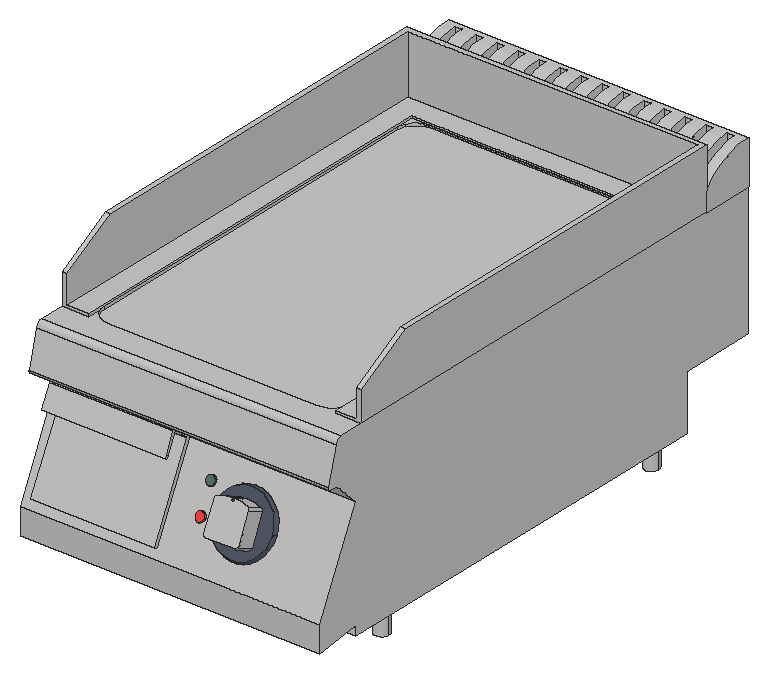
Revit family "QF_ZANUSSI_372193_Z7FTEDCSI0", category Specialty Equipment, Revit 2018
Family settings
  Round Connector Dimension = Use Diameter
  Part Type = Normal
  Work Plane-Based = No
  Always vertical = Yes
  Cut with Voids When Loaded = No
  Shared = No
  Room Calculation Point = No
Parameters
  Width = 400 mm  # constant formula
  Weight in Pounds = 88  # constant formula
  Weight = 0.00 kg
  Watts = 0 W
  Volts = 400 V
  URL Manufacturer = "http://www.zanussiprofessional.com"
  URL Cutsheet = "www.electrolux.com/foodservice"
  URL = "http://www.zanussiprofessional.com"
  Type Mark [instance] = ""
  Steam Supply Size = 0"
  Steam Supply Minimum Pressure = 0.00 psi
  Steam Supply Maximum Pressure = 0.00 psi
  Steam Pounds per Hour = 0
  Status [instance] = ""
  Specification by User [instance] = ""
  Specification by Manufacturer = ""
  Show Logo [instance] = yes
  Show Clearance [instance] = yes
  Serial Number = ""
  Seismic Rating = ""
  SMACNA No = ""
  Revision Code [instance] = ""
  Refrigeration Suction Line Size = 0"
  Refrigeration Liquid Line Size = 0"
  Refrigerant Compressor Remote = yes
  Phase = 3
  Omniclass Number and Title = ""
  NAFEM Spec ID Number = ""
  Model = "Z7FTEDCSI0"
  Mechanical Remarks = ""
  Mechanical Connection Type = ""
  Masterspec = ""
  Manufacturer = "Zanussi"
  Length Actual = 400 mm  # constant formula
  Item Number [instance] = "372193"
  Installed By [instance] = ""
  Identify Quantity as Lot [instance] = yes
  Hot Water Size = 0"
  Height Actual = 250 mm  # constant formula
  Height = 355 mm  # constant formula
  HP = "5.6 HP"
  Gas Size = 1/2"  # constant formula
  Gas RI Height [instance] = 0 mm
  Gas KW = 7  # constant formula
  Gas Input [instance] = 23863.0 Btu/h  # constant formula
  Gas Connection Height = 0 mm
  Furnished By [instance] = ""
  Foodservice Equipment Identifier [instance] = yes
  Direct Waste Size = 0"
  Description = "EL. FRY TOP-SMOOTH CHROME PLATE 400 MM"
  Depth Actual = 700 mm  # constant formula
  Depth = 715 mm  # constant formula
  Cycle = 60 Hz
  Condensate Return Size = 0"
  Compressed Air Volume = 0 GPM
  Compressed Air Size = 0"
  Compressed Air Pressure = 0.00 psi
  Cold Water Size = 0"
  CSI MasterFormat = ""
  CSI Master Format = ""
  Base Height [instance] = 24 mm  # constant formula
  Assembly Code = ""
  Accessory = yes
Reference planes
  plane 1 "BACK": y = 0
  plane 2: z = 0
  plane 3 "LEFT": x = 0
  plane 4 "RIGHT": x = 400
  plane 5 "FRONT": y = -715
  plane 6 "TOP": z = 288.925
  plane 7 "Center Y": x = 200
  plane 8 "Center X": y = -357.5
  plane 9 "BASE": z = 24
  plane 10 "TOP A": z = 274
  plane 11: y = -597.884
  plane 12: y = -147.637
  plane 13: z = 355
  plane 14: through (-6096, -715, 65.146) normal (0, 0.8956, -0.4448)
  plane 15 "panel": through (-6096, -655.161, 185.641) normal (0, -0.8956, 0.4448)
Forms (mm)
  Extrusion 1, solid, material "QF_Finishes_Stainless Steel"
    sketch origin (0, 0, 0) x (0, 1, 0) y (0, 0, 1)
      loop
        line (0, 98) -> (0, 274) -> (-679.358, 274)
        arc (-679.358, 274) -> (-684.643, 271.811) -> (-686.833, 266.526) r 7.474
        line (-686.833, 266.526) -> (-699.884, 221.011)
        arc (-699.884, 221.011) -> (-699.396, 218.379) -> (-697, 217.184) r 3
        line (-697, 217.184) -> (-686.802, 217.184) -> (-654.982, 185.364) -> (-715, 64.508) -> (-715, 29.508) -> (-658.645, 37.428)
        arc (-658.645, 37.428) -> (-656.101, 36.674) -> (-655, 34.259) r 3.2
        line (-655, 34.259) -> (-655, 24) -> (-103, 24) -> (-103, 98) -> (0, 98)
    from 0 to 400
  Extrusion 2, void
    sketch origin (0, -2.381, 274) x (-1, 0, 0) y (0, -1, 0)
      loop
        arc (-60.425, 102.504) -> (-42.464, 109.943) -> (-35.025, 127.904) r 25.4
        line (-35.025, 127.904) -> (-35.025, 617.104)
        arc (-35.025, 617.104) -> (-42.464, 635.064) -> (-60.425, 642.504) r 25.4
        line (-60.425, 642.504) -> (-339.575, 642.504)
        arc (-339.575, 642.504) -> (-357.536, 635.064) -> (-364.975, 617.104) r 25.4
        line (-364.975, 617.104) -> (-364.975, 127.904)
        arc (-364.975, 127.904) -> (-357.536, 109.943) -> (-339.575, 102.504) r 25.4
        line (-339.575, 102.504) -> (-60.425, 102.504)
    from 0 to -3.2
  Extrusion 3, solid, material "QF_Finishes_Stainless Steel"
    sketch origin (0, 0, 0) x (1, 0, 0) y (0, 1, 0)
      loop
        circle (11.112, -147.638) r 9.525
      loop
        circle (11.112, -597.884) r 9.525
      loop
        circle (388.887, -147.638) r 9.525
      loop
        circle (388.887, -597.884) r 9.525
    from 0 to 24
  Extrusion 4, solid, material "QF_Finishes_Stainless Steel"
    sketch origin (0.4, -101.6, 103.694) x (0, 0, -1) y (-1, 0, 0)
      loop
        circle (43.694, -347.613) r 12.7
    from 0 to 3.175
  Extrusion 5, solid, material "QF_Finishes_Clearance", visible <- "Show Clearance", detail levels coarse
    sketch origin (0, 0, 0) x (1, 0, 0) y (0, 1, 0)
      loop
        line (0, -715) -> (0, 0) -> (400, 0) -> (400, -715) -> (550.019, -715) -> (550.019, 150.019) -> (-150.019, 150.019) -> (-150.019, -715) -> (0, -715)
    from 0 to 355
  Extrusion 6, solid, material "QF_Finishes_Stainless Steel"
    sketch origin (0, -14.311, 0) x (0, 1, 0) y (0, 0, 1)
      loop
        line (-640.85, 185.828) -> (-659.988, 204.966)
        arc (-659.988, 204.966) -> (-664.455, 206.368) -> (-668.159, 203.504) r 5.058
        line (-668.159, 203.504) -> (-680.821, 175.994) -> (-677.937, 174.666) -> (-665.275, 202.176)
        arc (-665.275, 202.176) -> (-663.896, 203.243) -> (-662.233, 202.721) r 1.883
        line (-662.233, 202.721) -> (-644.727, 185.215) -> (-698.248, 77.444) -> (-695.339, 76.105) -> (-640.85, 185.828)
    from 12.7 to 177.8
  Extrusion 7, solid, material "QF_Finishes_Drawer Clearance", visible <- "Show Clearance", detail levels coarse
    sketch origin (0, -115.911, 0) x (0, 1, 0) y (0, 0, 1)
      loop
        line (-662.903, 76.105) -> (-593.739, 76.105) -> (-539.25, 185.828) -> (-558.388, 204.966)
        arc (-558.388, 204.966) -> (-560.449, 206.215) -> (-562.855, 206.368) r 5.058
        line (-562.855, 206.368) -> (-632.019, 206.368)
        arc (-632.019, 206.368) -> (-634.222, 205.39) -> (-635.723, 203.504) r 5.058
        line (-635.723, 203.504) -> (-648.385, 175.994) -> (-645.501, 174.666) -> (-632.839, 202.176)
        arc (-632.839, 202.176) -> (-631.46, 203.243) -> (-629.796, 202.721) r 1.883
        line (-629.796, 202.721) -> (-612.291, 185.215) -> (-665.811, 77.444) -> (-662.903, 76.105)
    from 12.7 to 177.8
  Extrusion 8, solid, material "QF_Finishes_Stainless Steel"
    sketch origin (0, 0, 0) x (0, 1, 0) y (0, 0, 1)
      loop
        line (0, 274) -> (0, 333.13)
        arc (0, 333.13) -> (-38.824, 324.814) -> (-69.85, 300.038) r 86.548
        line (-69.85, 300.038) -> (-69.85, 274) -> (0, 274)
    from 0 to 400.05
  Extrusion 9, void
    sketch origin (0, 0, 274.638) x (-1, 0, 0) y (0, -1, 0)
      loop
        line (-13.453, 6.761) -> (-13.453, 63.911) -> (-22.749, 63.911) -> (-22.749, 6.761) -> (-13.453, 6.761)
    from 25.4 to 63.5
  Extrusion 10, void
    sketch origin (400.05, 0, 274.638) x (1, 0, 0) y (0, 1, 0)
      loop
        line (-13.503, -6.761) -> (-22.799, -6.761) -> (-22.799, -63.911) -> (-13.503, -63.911) -> (-13.503, -6.761)
    from 25.4 to 63.5
  Extrusion 11, void
    sketch origin (27.988, 0, 274.638) x (-1, 0, 0) y (0, -1, 0)
      loop
        line (-13.453, 6.761) -> (-13.453, 63.911) -> (-22.749, 63.911) -> (-22.749, 6.761) -> (-13.453, 6.761)
    from 25.4 to 63.5
  Extrusion 12, void
    sketch origin (55.977, 0, 274.638) x (-1, 0, 0) y (0, -1, 0)
      loop
        line (-13.453, 6.761) -> (-13.453, 63.911) -> (-22.749, 63.911) -> (-22.749, 6.761) -> (-13.453, 6.761)
    from 25.4 to 63.5
  Extrusion 13, void
    sketch origin (83.965, 0, 274.638) x (-1, 0, 0) y (0, -1, 0)
      loop
        line (-13.428, 6.761) -> (-13.428, 63.911) -> (-22.724, 63.911) -> (-22.724, 6.761) -> (-13.428, 6.761)
    from 25.4 to 63.5
  Extrusion 14, void
    sketch origin (111.953, 0, 274.638) x (-1, 0, 0) y (0, -1, 0)
      loop
        line (-13.428, 6.761) -> (-13.428, 63.911) -> (-22.724, 63.911) -> (-22.724, 6.761) -> (-13.428, 6.761)
    from 25.4 to 63.5
  Extrusion 15, void
    sketch origin (139.942, 0, 274.638) x (-1, 0, 0) y (0, -1, 0)
      loop
        line (-13.428, 6.761) -> (-13.428, 63.911) -> (-22.724, 63.911) -> (-22.724, 6.761) -> (-13.428, 6.761)
    from 25.4 to 63.5
  Extrusion 16, void
    sketch origin (167.93, 0, 274.638) x (-1, 0, 0) y (0, -1, 0)
      loop
        line (-13.428, 6.761) -> (-13.428, 63.911) -> (-22.724, 63.911) -> (-22.724, 6.761) -> (-13.428, 6.761)
    from 25.4 to 63.5
  Extrusion 17, void
    sketch origin (195.918, 0, 274.638) x (-1, 0, 0) y (0, -1, 0)
      loop
        line (-13.428, 6.761) -> (-13.428, 63.911) -> (-22.724, 63.911) -> (-22.724, 6.761) -> (-13.428, 6.761)
    from 25.4 to 63.5
  Extrusion 18, void
    sketch origin (223.907, 0, 274.638) x (-1, 0, 0) y (0, -1, 0)
      loop
        line (-13.428, 6.761) -> (-13.428, 63.911) -> (-22.724, 63.911) -> (-22.724, 6.761) -> (-13.428, 6.761)
    from 25.4 to 63.5
  Extrusion 19, void
    sketch origin (251.895, 0, 274.638) x (-1, 0, 0) y (0, -1, 0)
      loop
        line (-13.428, 6.761) -> (-13.428, 63.911) -> (-22.724, 63.911) -> (-22.724, 6.761) -> (-13.428, 6.761)
    from 25.4 to 63.5
  Extrusion 20, void
    sketch origin (279.884, 0, 274.638) x (-1, 0, 0) y (0, -1, 0)
      loop
        line (-13.403, 6.761) -> (-13.403, 63.911) -> (-22.699, 63.911) -> (-22.699, 6.761) -> (-13.403, 6.761)
    from 25.4 to 63.5
  Extrusion 21, void
    sketch origin (307.872, 0, 274.638) x (-1, 0, 0) y (0, -1, 0)
      loop
        line (-13.403, 6.761) -> (-13.403, 63.911) -> (-22.699, 63.911) -> (-22.699, 6.761) -> (-13.403, 6.761)
    from 25.4 to 63.5
  Extrusion 22, void
    sketch origin (335.86, 0, 274.638) x (-1, 0, 0) y (0, -1, 0)
      loop
        line (-13.403, 6.761) -> (-13.403, 63.911) -> (-22.699, 63.911) -> (-22.699, 6.761) -> (-13.403, 6.761)
    from 25.4 to 63.5
  Sweep 23, solid, material "QF_Finishes_Stainless Steel"
    path origin (0, -2.381, 274) x (-1, 0, 0) y (0, -1, 0)
      loop
        line (-364.975, 642.504) -> (-364.975, 102.504) -> (-35.025, 102.504) -> (-35.025, 642.504)
    profile origin (35.025, -374.885, 274) x (1, 0, 0) y (0, 0, 1)
      loop
        line (-35.025, 0) -> (0, 0) -> (0, 3.175) -> (-28.675, 3.175) -> (-28.675, 81) -> (-35.025, 81) -> (-35.025, 0)
  Extrusion 24, void
    sketch origin (0, -69.86, 274) x (0, 1, 0) y (0, 0, 1)
      loop
        line (-575.025, 40.481) -> (-501.995, 81) -> (-575.025, 81) -> (-575.025, 40.481)
    from 0 to 6.35
  Extrusion 25, void
    sketch origin (400, -644.885, 274) x (0, -1, 0) y (0, 0, 1)
      loop
        line (0, 40.481) -> (0, 81) -> (-73.03, 81) -> (0, 40.481)
    from 0 to 6.35
  Blend 26, solid, material "QF_Finishes_Navy Blue"
    base sketch origin (275, -684.088, 127.392) x (1, 0, 0) y (0, 0.444781, 0.895639)
      loop
        circle (0, 0) r 42.5
    top sketch origin (275, -684.088, 127.392) x (1, 0, 0) y (0, 0.444781, 0.895639)
      loop
        circle (0, 0) r 40.5
    from 0 to 5
  Extrusion 27, solid, material "QF_Finishes_Stainless Steel"
    sketch origin (275, -684.088, 127.392) x (1, 0, 0) y (0, 0.444781, 0.895639)
      loop
        arc (-21.147, 22.789) -> (-22.494, 21.685) -> (-23, 20.019) r 2.997
        line (-23, 20.019) -> (-23, -20.019)
        arc (-23, -20.019) -> (-22.122, -22.138) -> (-20.003, -23.016) r 2.997
        line (-20.003, -23.016) -> (20.003, -23.016)
        arc (20.003, -23.016) -> (22.122, -22.138) -> (23, -20.019) r 2.997
        line (23, -20.019) -> (23, 20.019)
        arc (23, 20.019) -> (22.494, 21.685) -> (21.147, 22.789) r 2.997
        arc (21.147, 22.789) -> (0, 26.984) -> (-21.147, 22.789) r 55.4
    from 10 to 34
  Extrusion 28, solid, material "QF_Plastic-Black-Matte"
    sketch origin (355, -684.088, 127.392) x (0, 0.444781, 0.895639) y (0, -0.895639, 0.444781)
      loop
        line (26.984, 34) -> (26.984, 19) -> (27.984, 19) -> (27.984, 34)
        arc (27.984, 34) -> (27.691, 34.707) -> (26.984, 35) r 1
        line (26.984, 35) -> (23.984, 35) -> (23.984, 34) -> (26.984, 34)
    from -81 to -79
  Extrusion 29, solid, material "QF_Finishes_Red"
    sketch origin (275, -688.536, 118.436) x (1, 0, 0) y (0, 0.444781, 0.895639)
      loop
        circle (-55.001, 0) r 6
    from 0 to 1.6
  Extrusion 30, solid, material "QF_Finishes_Stainless Steel"
    sketch origin (275, -684.088, 127.392) x (1, 0, 0) y (0, 0.444781, 0.895639)
      loop
        line (17.5, 17.5) -> (-17.5, 17.5) -> (-17.5, -17.5) -> (17.5, -17.5) -> (17.5, 17.5)
    from 5 to 10
  Extrusion 31, solid, material "QF_Finishes_DarkGreen"
    sketch origin (275, -670.744, 154.262) x (1, 0, 0) y (0, 0.444781, 0.895639)
      loop
        circle (-55.001, 0) r 6
    from 0 to 1.6
Cuts and joins
  Extrusion 2 cuts Extrusion 1
  Extrusion 9, Extrusion 10, Extrusion 11, Extrusion 12, Extrusion 13, Extrusion 14, Extrusion 15, Extrusion 16, Extrusion 17, Extrusion 18, Extrusion 19, Extrusion 20, Extrusion 21, Extrusion 22 cuts Extrusion 8
  Extrusion 24, Extrusion 25 cuts Sweep 23
Lines and regions (mm)
  Split face 1
    outline origin (276.664, -683.893, 139.026) x (1, 0, 0) y (0, 0.444781, 0.895639)
      loop
        circle (-34, 0) r 1.5
  Split face 2
    outline origin (273.297, -686.678, 133.419) x (1, 0, 0) y (0, 0.444781, 0.895639)
      loop
        circle (-30.633, -14.752) r 1.5
  Split face 3
    outline origin (276.214, -688.977, 128.788) x (1, 0, 0) y (0, 0.444781, 0.895639)
      loop
        circle (-21.199, -26.582) r 1.5
  Split face 4
    outline origin (282.566, -688.945, 128.853) x (1, 0, 0) y (0, 0.444781, 0.895639)
      loop
        circle (-7.566, -33.148) r 1.5
  Split face 5
    outline origin (287.419, -686.057, 134.669) x (1, 0, 0) y (0, 0.444781, 0.895639)
      loop
        circle (7.566, -33.148) r 1.5
  Split face 6
    outline origin (286.137, -681.416, 144.014) x (1, 0, 0) y (0, 0.444781, 0.895639)
      loop
        circle (21.199, -26.582) r 1.5
  Split face 7
    outline origin (276.5, -677.361, 152.18) x (1, 0, 0) y (0, 0.444781, 0.895639)
      loop
        circle (30.633, -14.752) r 1.5
  Split face 8
    outline origin (260.985, -676.331, 154.252) x (1, 0, 0) y (0, 0.444781, 0.895639)
      loop
        circle (34, 0) r 1.5
  Split face 9
    outline origin (275, -688.566, 129.616) x (1, 0, 0) y (0, 0.444781, 0.895639)
      loop
        circle (0, 33.561) r 1.5
  symbolic lines, style "QF-Clearances", visible <- "Show Clearance", detail levels coarse
    curve 1: line (-150.019, 150.019, 274) -> (-150.019, -715, 274)
    curve 2: line (550.019, 150.019, 274) -> (-150.019, 150.019, 274)
    curve 3: line (550.019, -716.377, 274) -> (550.019, 150.019, 274)
  symbolic lines
    curve 4: line (0, 0, 274) -> (400, 0, 274)
    curve 5: line (0, -715, 274) -> (0, 0, 274)
    curve 6: line (400, 0, 274) -> (400, -715, 274)
    curve 7: line (35.025, -130.285, 274) -> (35.025, -644.885, 274)
    curve 8: arc (35.025, -619.485, 274) -> (42.464, -637.445, 274) -> (60.425, -644.885, 274) r 25.4
    curve 9: line (0, -644.885, 274) -> (35.025, -644.885, 274)
    curve 10: arc (339.575, -644.885, 274) -> (357.536, -637.445, 274) -> (364.975, -619.485, 274) r 25.4
    curve 11: line (364.975, -644.885, 274) -> (364.975, -130.285, 274)
    curve 12: line (339.575, -104.885, 274) -> (60.425, -104.885, 274)
    curve 13: line (0, -69.85, 274) -> (400, -69.85, 274)
    curve 14: arc (60.425, -104.885, 274) -> (42.464, -112.324, 274) -> (35.025, -130.285, 274) r 25.4
    curve 15: arc (339.575, -104.885, 274) -> (357.536, -112.324, 274) -> (364.975, -130.285, 274) r 25.4
    curve 16: line (6.35, -76.21, 274) -> (6.35, -644.885, 274)
    curve 17: line (6.35, -76.21, 274) -> (393.65, -76.21, 274)
    curve 18: line (393.65, -76.21, 274) -> (393.65, -644.885, 274)
    curve 19: line (13.428, -6.761, 274) -> (22.724, -6.761, 274)
    curve 20: line (13.428, -63.911, 274) -> (13.428, -6.761, 274)
    curve 21: line (22.724, -63.911, 274) -> (13.428, -63.911, 274)
    curve 22: line (22.724, -6.761, 274) -> (22.724, -63.911, 274)
    curve 23: line (41.416, -6.761, 274) -> (50.712, -6.761, 274)
    curve 24: line (41.416, -63.911, 274) -> (41.416, -6.761, 274)
    curve 25: line (50.712, -63.911, 274) -> (41.416, -63.911, 274)
    curve 26: line (50.712, -6.761, 274) -> (50.712, -63.911, 274)
    curve 27: line (69.405, -6.761, 274) -> (78.7, -6.761, 274)
    curve 28: line (69.405, -63.911, 274) -> (69.405, -6.761, 274)
    curve 29: line (78.7, -63.911, 274) -> (69.405, -63.911, 274)
    curve 30: line (78.7, -6.761, 274) -> (78.7, -63.911, 274)
    curve 31: line (97.393, -6.761, 274) -> (106.689, -6.761, 274)
    curve 32: line (97.393, -63.911, 274) -> (97.393, -6.761, 274)
    curve 33: line (106.689, -63.911, 274) -> (97.393, -63.911, 274)
    curve 34: line (106.689, -6.761, 274) -> (106.689, -63.911, 274)
    curve 35: line (125.381, -6.761, 274) -> (134.677, -6.761, 274)
    curve 36: line (125.381, -63.911, 274) -> (125.381, -6.761, 274)
    curve 37: line (134.677, -63.911, 274) -> (125.381, -63.911, 274)
    curve 38: line (134.677, -6.761, 274) -> (134.677, -63.911, 274)
    curve 39: line (153.37, -6.761, 274) -> (162.665, -6.761, 274)
    curve 40: line (153.37, -63.911, 274) -> (153.37, -6.761, 274)
    curve 41: line (162.665, -63.911, 274) -> (153.37, -63.911, 274)
    curve 42: line (162.665, -6.761, 274) -> (162.665, -63.911, 274)
    curve 43: line (181.358, -6.761, 274) -> (190.654, -6.761, 274)
    curve 44: line (181.358, -63.911, 274) -> (181.358, -6.761, 274)
    curve 45: line (190.654, -63.911, 274) -> (181.358, -63.911, 274)
    curve 46: line (190.654, -6.761, 274) -> (190.654, -63.911, 274)
    curve 47: line (209.346, -6.761, 274) -> (218.642, -6.761, 274)
    curve 48: line (209.346, -63.911, 274) -> (209.346, -6.761, 274)
    curve 49: line (218.642, -63.911, 274) -> (209.346, -63.911, 274)
    curve 50: line (218.642, -6.761, 274) -> (218.642, -63.911, 274)
    curve 51: line (237.31, -6.761, 274) -> (246.605, -6.761, 274)
    curve 52: line (237.31, -63.911, 274) -> (237.31, -6.761, 274)
    curve 53: line (246.605, -63.911, 274) -> (237.31, -63.911, 274)
    curve 54: line (246.605, -6.761, 274) -> (246.605, -63.911, 274)
    curve 55: line (265.298, -6.761, 274) -> (274.594, -6.761, 274)
    curve 56: line (265.298, -63.911, 274) -> (265.298, -6.761, 274)
    curve 57: line (274.594, -63.911, 274) -> (265.298, -63.911, 274)
    curve 58: line (274.594, -6.761, 274) -> (274.594, -63.911, 274)
    curve 59: line (293.286, -6.761, 274) -> (302.582, -6.761, 274)
    curve 60: line (293.286, -63.911, 274) -> (293.286, -6.761, 274)
    curve 61: line (302.582, -63.911, 274) -> (293.286, -63.911, 274)
    curve 62: line (302.582, -6.761, 274) -> (302.582, -63.911, 274)
    curve 63: line (321.275, -6.761, 274) -> (330.57, -6.761, 274)
    curve 64: line (321.275, -63.911, 274) -> (321.275, -6.761, 274)
    curve 65: line (330.57, -63.911, 274) -> (321.275, -63.911, 274)
    curve 66: line (330.57, -6.761, 274) -> (330.57, -63.911, 274)
    curve 67: line (349.263, -6.761, 274) -> (358.559, -6.761, 274)
    curve 68: line (349.263, -63.911, 274) -> (349.263, -6.761, 274)
    curve 69: line (358.559, -63.911, 274) -> (349.263, -63.911, 274)
    curve 70: line (358.559, -6.761, 274) -> (358.559, -63.911, 274)
    curve 71: line (377.251, -6.761, 274) -> (386.547, -6.761, 274)
    curve 72: line (377.251, -63.911, 274) -> (377.251, -6.761, 274)
    curve 73: line (386.547, -63.911, 274) -> (377.251, -63.911, 274)
    curve 74: line (386.547, -6.761, 274) -> (386.547, -63.911, 274)
    curve 75: line (364.975, -644.885, 274) -> (400, -644.885, 274)
    curve 76: line (60.425, -644.885, 274) -> (339.575, -644.885, 274)
    curve 80: line (0.05, -700, 0) -> (400, -700, 0)
    curve 81: line (298.025, -700, 0) -> (298.025, -724.347, 0)
    curve 82: arc (298.025, -724.347, 0) -> (297.879, -724.811, 0) -> (297.493, -725.107, 0) r 0.809
    curve 83: arc (297.493, -725.107, 0) -> (296.305, -725.587, 0) -> (295.028, -725.68, 0) r 4.127
    curve 84: arc (298.025, -704.292, 0) -> (303.066, -702.458, 0) -> (307.834, -700, 0) r 42.24
    curve 85: arc (298.025, -706.539, 0) -> (297.523, -705.818, 0) -> (296.726, -705.448, 0) r 1.682
    curve 86: arc (296.726, -705.448, 0) -> (286.423, -703.95, 0) -> (276.025, -703.441, 0) r 109.079
    curve 87: line (276.025, -700, 0) -> (276.025, -705.671, 0)
    curve 88: line (276.025, -705.671, 0) -> (274.025, -705.671, 0)
    curve 89: line (274.025, -705.671, 0) -> (274.025, -700, 0)
    curve 90: line (252.025, -700, 0) -> (252.025, -724.347, 0)
    curve 91: arc (252.025, -724.347, 0) -> (252.171, -724.811, 0) -> (252.557, -725.107, 0) r 0.809
    curve 92: arc (252.557, -725.107, 0) -> (253.745, -725.587, 0) -> (255.022, -725.68, 0) r 4.127
    curve 93: arc (252.025, -704.292, 0) -> (246.984, -702.458, 0) -> (242.216, -700, 0) r 42.24
    curve 94: arc (252.025, -706.539, 0) -> (252.527, -705.818, 0) -> (253.324, -705.448, 0) r 1.682
    curve 95: arc (253.324, -705.448, 0) -> (263.627, -703.95, 0) -> (274.025, -703.441, 0) r 109.079
    curve 96: line (295.028, -725.68, 0) -> (255.022, -725.68, 0)
    curve 97: line (0, -715, 0) -> (252.025, -715, 0)
    curve 98: line (298.025, -715, 0) -> (400, -715, 0)
    curve 99: line (12.7, -715, 0) -> (12.7, -700, 0)
    curve 100: line (177.775, -715, 0) -> (177.775, -700, 0)
  symbolic lines, style "QF_Drawer Clearance"
    curve 77: line (12.7, -715, 0) -> (12.7, -767.387, 0)
    curve 78: line (12.7, -767.388, 0) -> (177.775, -767.388, 0)
    curve 79: line (177.775, -767.388, 0) -> (177.775, -715, 0)
Dimensions and locks
  equal spacing: plane 3 "LEFT", plane 7 "Center Y", plane 4 "RIGHT"
  "Width": plane 3 "LEFT" to plane 4 "RIGHT"
  equal spacing: plane 5 "FRONT", plane 8 "Center X", plane 1 "BACK"
  "Depth": plane 5 "FRONT" to plane 1 "BACK"
  plane 1 "BACK" to plane 5 "FRONT" = 715 mm
  "Base Height": plane 9 "BASE" to level
  plane 10 "TOP A" to plane 9 "BASE" = 250 mm  (x2)
  plane 4 "RIGHT" to Extrusion 4 sketch curve = 51.988 mm
  Sweep 23 sketch curve to level = 355 mm
  plane 9 "BASE" to level = 24 mm
  "Height": plane 13 to level
  Extrusion 4 sketch curve to plane 9 "BASE" = 36 mm
  aligned and locked: level to plane 2
  aligned and locked: plane 4 "RIGHT" to Extrusion 1
  aligned and locked: plane 9 "BASE" to Extrusion 3
  aligned: plane 6 "TOP" to Extrusion 5
  aligned and locked: Extrusion 5 to plane 13
Automatic sketch dimensions
  plane 1 "BACK" to Extrusion 13 sketch curve = 6.761 mm
  Extrusion 13 sketch curve to plane 7 "Center Y" = 93.311 mm
  Extrusion 13 sketch curve to Extrusion 13 sketch curve = 9.296 mm
  Extrusion 13 sketch curve to Extrusion 13 sketch curve = 57.15 mm
  plane 1 "BACK" to Extrusion 14 sketch curve = 6.761 mm
  Extrusion 14 sketch curve to plane 7 "Center Y" = 65.323 mm
  Extrusion 14 sketch curve to Extrusion 14 sketch curve = 9.296 mm
  Extrusion 14 sketch curve to Extrusion 14 sketch curve = 57.15 mm
  plane 1 "BACK" to Extrusion 15 sketch curve = 6.761 mm
  Extrusion 15 sketch curve to plane 7 "Center Y" = 37.335 mm
  Extrusion 15 sketch curve to Extrusion 15 sketch curve = 9.296 mm
  Extrusion 15 sketch curve to Extrusion 15 sketch curve = 57.15 mm
  Extrusion 16 sketch curve to plane 7 "Center Y" = 9.346 mm
  Extrusion 16 sketch curve to Extrusion 16 sketch curve = 9.296 mm
  plane 1 "BACK" to Extrusion 16 sketch curve = 6.761 mm
  Extrusion 16 sketch curve to Extrusion 16 sketch curve = 57.15 mm
  plane 1 "BACK" to Extrusion 17 sketch curve = 6.761 mm
  plane 7 "Center Y" to Extrusion 17 sketch curve = 18.642 mm
  Extrusion 17 sketch curve to Extrusion 17 sketch curve = 9.296 mm
  Extrusion 17 sketch curve to Extrusion 17 sketch curve = 57.15 mm
  plane 1 "BACK" to Extrusion 18 sketch curve = 6.761 mm
  plane 7 "Center Y" to Extrusion 18 sketch curve = 46.63 mm
  Extrusion 18 sketch curve to Extrusion 18 sketch curve = 9.296 mm
  Extrusion 18 sketch curve to Extrusion 18 sketch curve = 57.15 mm
  plane 1 "BACK" to Extrusion 19 sketch curve = 6.761 mm
  plane 7 "Center Y" to Extrusion 19 sketch curve = 74.619 mm
  Extrusion 19 sketch curve to Extrusion 19 sketch curve = 9.296 mm
  Extrusion 19 sketch curve to Extrusion 19 sketch curve = 57.15 mm
  Extrusion 2 sketch curve to plane 4 "RIGHT" = 35.025 mm
  Extrusion 2 sketch curve to Extrusion 2 sketch curve = 25.4 mm  (x3)
  Extrusion 2 sketch curve to plane 12 = 17.353 mm
  plane 3 "LEFT" to Extrusion 2 sketch curve = 60.425 mm  (x2)
  plane 11 to Extrusion 2 sketch curve = 21.6 mm
  plane 11 to Extrusion 3 sketch curve = 0 mm  (x2)
  plane 12 to Extrusion 3 sketch curve = 0 mm  (x2)
  plane 3 "LEFT" to Extrusion 3 sketch curve = 11.112 mm  (x2)
  Extrusion 3 sketch curve to plane 4 "RIGHT" = 11.113 mm  (x2)
  plane 1 "BACK" to Extrusion 5 sketch curve = 0 mm
  Extrusion 5 sketch curve to plane 3 "LEFT" = 0 mm
  Extrusion 5 sketch curve to plane 4 "RIGHT" = 0 mm
  Extrusion 5 sketch curve to plane 3 "LEFT" = 150.019 mm
  plane 5 "FRONT" to Extrusion 5 sketch curve = 0 mm  (x2)
  plane 4 "RIGHT" to Extrusion 5 sketch curve = 150.019 mm
  Extrusion 5 sketch curve to plane 1 "BACK" = 150.019 mm
  plane 1 "BACK" to curve 5 = 0 mm
  plane 4 "RIGHT" to curve 3 = 150.019 mm
  curve 18 to plane 4 "RIGHT" = 6.35 mm
  curve 74 to plane 4 "RIGHT" = 13.453 mm
  curve 73 to curve 73 = 9.296 mm
  curve 15 to plane 4 "RIGHT" = 35.025 mm
  plane 1 "BACK" to curve 70 = 6.761 mm
  curve 71 to curve 70 = 18.693 mm
  curve 67 to curve 68 = 9.296 mm
  curve 15 to curve 15 = 25.4 mm
  curve 68 to curve 66 = 18.693 mm
  curve 63 to curve 63 = 9.296 mm
  curve 64 to curve 62 = 18.693 mm
  curve 61 to curve 61 = 9.296 mm
  curve 60 to curve 58 = 18.693 mm
  curve 55 to curve 56 = 9.296 mm
  plane 1 "BACK" to curve 51 = 6.761 mm
  curve 55 to curve 51 = 18.693 mm
  curve 53 to curve 53 = 9.296 mm
  plane 1 "BACK" to curve 50 = 6.761 mm
  plane 7 "Center Y" to curve 50 = 18.642 mm
  curve 49 to curve 49 = 9.296 mm
  curve 46 to plane 7 "Center Y" = 9.346 mm
  curve 43 to curve 44 = 9.296 mm
  plane 1 "BACK" to curve 39 = 6.761 mm
  curve 43 to curve 39 = 18.693 mm
  curve 39 to curve 40 = 9.296 mm
  curve 40 to curve 38 = 18.693 mm
  curve 37 to curve 36 = 9.296 mm
  curve 36 to curve 33 = 18.693 mm
  curve 31 to curve 32 = 9.296 mm
  curve 32 to curve 30 = 18.693 mm
  curve 29 to curve 28 = 9.296 mm
  curve 14 to plane 12 = 17.353 mm
  plane 3 "LEFT" to curve 14 = 60.425 mm
  curve 28 to curve 25 = 18.693 mm
  curve 25 to curve 25 = 9.296 mm
  plane 1 "BACK" to curve 19 = 6.761 mm
  curve 23 to curve 19 = 18.693 mm
  curve 19 to curve 20 = 9.296 mm
  plane 3 "LEFT" to curve 16 = 6.35 mm
  plane 5 "FRONT" to curve 1 = 0 mm
  curve 1 to plane 3 "LEFT" = 150.019 mm
  curve 2 to plane 1 "BACK" = 150.019 mm
  plane 1 "BACK" to curve 71 = 6.761 mm
  plane 1 "BACK" to curve 66 = 6.761 mm
  plane 1 "BACK" to curve 62 = 6.761 mm
  plane 1 "BACK" to curve 58 = 6.761 mm
  plane 1 "BACK" to curve 46 = 6.761 mm
  plane 1 "BACK" to curve 38 = 6.761 mm
  plane 1 "BACK" to curve 34 = 6.761 mm
  plane 1 "BACK" to curve 30 = 6.761 mm
  plane 1 "BACK" to curve 23 = 6.761 mm
  curve 25 to curve 14 = 40.974 mm
  curve 22 to curve 24 = 0 mm
  curve 25 to curve 28 = 0 mm
  curve 73 to curve 12 = 40.974 mm
  curve 29 to curve 32 = 0 mm
  curve 70 to curve 72 = 0 mm
  curve 33 to curve 36 = 0 mm
  curve 66 to curve 68 = 0 mm
  curve 37 to curve 40 = 0 mm
  curve 62 to curve 64 = 0 mm
  curve 41 to curve 44 = 0 mm
  curve 58 to curve 60 = 0 mm
  curve 45 to curve 48 = 0 mm
  curve 54 to curve 56 = 0 mm
  curve 73 to curve 13 = 5.939 mm
  curve 13 to curve 17 = 6.36 mm
  plane 11 to curve 10 = 21.6 mm
  plane 5 "FRONT" to curve 3 = 1.377 mm
  Extrusion 8 sketch curve to plane 10 "TOP A" = 0 mm
  Extrusion 8 sketch curve to plane 1 "BACK" = 0 mm
  plane 1 "BACK" to Extrusion 8 sketch curve = 1.769 mm
  plane 6 "TOP" to Extrusion 8 sketch curve = 11.113 mm
  plane 1 "BACK" to Extrusion 8 sketch curve = 69.85 mm
  Extrusion 8 sketch curve to plane 10 "TOP A" = 27.4 mm
  plane 1 "BACK" to Extrusion 9 sketch curve = 6.761 mm
  plane 3 "LEFT" to Extrusion 9 sketch curve = 22.749 mm
  Extrusion 9 sketch curve to Extrusion 9 sketch curve = 9.296 mm
  Extrusion 9 sketch curve to Extrusion 9 sketch curve = 57.15 mm
  Extrusion 10 sketch curve to plane 1 "BACK" = 6.761 mm
  plane 4 "RIGHT" to Extrusion 10 sketch curve = 22.749 mm
  Extrusion 10 sketch curve to Extrusion 10 sketch curve = 9.296 mm
  Extrusion 10 sketch curve to Extrusion 10 sketch curve = 57.15 mm
  plane 1 "BACK" to Extrusion 11 sketch curve = 6.761 mm
  plane 3 "LEFT" to Extrusion 11 sketch curve = 50.737 mm
  Extrusion 11 sketch curve to Extrusion 11 sketch curve = 9.296 mm
  Extrusion 11 sketch curve to Extrusion 11 sketch curve = 57.15 mm
  plane 1 "BACK" to Extrusion 12 sketch curve = 6.761 mm
  plane 3 "LEFT" to Extrusion 12 sketch curve = 78.725 mm
  Extrusion 12 sketch curve to Extrusion 12 sketch curve = 9.296 mm
  Extrusion 12 sketch curve to Extrusion 12 sketch curve = 57.15 mm
  plane 1 "BACK" to Extrusion 20 sketch curve = 6.761 mm
  Extrusion 20 sketch curve to plane 4 "RIGHT" = 97.418 mm
  Extrusion 20 sketch curve to Extrusion 20 sketch curve = 9.296 mm
  Extrusion 20 sketch curve to Extrusion 20 sketch curve = 57.15 mm
  plane 1 "BACK" to Extrusion 21 sketch curve = 6.761 mm
  Extrusion 21 sketch curve to plane 4 "RIGHT" = 69.43 mm
  Extrusion 21 sketch curve to Extrusion 21 sketch curve = 9.296 mm
  Extrusion 21 sketch curve to Extrusion 21 sketch curve = 57.15 mm
  plane 1 "BACK" to Extrusion 22 sketch curve = 6.761 mm
  Extrusion 22 sketch curve to plane 4 "RIGHT" = 41.441 mm
  Extrusion 22 sketch curve to Extrusion 22 sketch curve = 9.296 mm
  Extrusion 22 sketch curve to Extrusion 22 sketch curve = 57.15 mm
  Sweep 23 sketch curve to plane 4 "RIGHT" = 35.025 mm
  plane 3 "LEFT" to Sweep 23 sketch curve = 35.025 mm
  Sweep 23 sketch curve to plane 12 = 42.753 mm
  plane 11 to Sweep 23 sketch curve = 47 mm  (x2)
  Sweep 23 sketch curve to plane 10 "TOP A" = 0 mm
  profile plane to Sweep 23 sketch curve = 0 mm
  profile plane to Sweep 23 sketch curve = 28.675 mm
  Sweep 23 sketch curve to Sweep 23 sketch curve = 6.35 mm
  plane 10 "TOP A" to Sweep 23 sketch curve = 3.175 mm
  Extrusion 24 sketch curve to Sweep 23 = 0 mm  (x2)
  Extrusion 24 sketch curve to Extrusion 24 sketch curve = 73.03 mm
  Extrusion 24 sketch curve to Sweep 23 = 40.481 mm
  Sweep 23 to Extrusion 25 sketch curve = 0 mm
  Extrusion 25 sketch curve to Sweep 23 = 0 mm
  Extrusion 25 sketch curve to Extrusion 25 sketch curve = 73.03 mm
  Extrusion 25 sketch curve to Sweep 23 = 40.481 mm
  plane 11 to curve 8 = 21.6 mm
  curve 10 to curve 11 = 25.4 mm
  curve 16 to curve 76 = 0 mm
  curve 75 to curve 76 = 25.4 mm
  curve 14 to curve 14 = 25.4 mm
  Extrusion 6 sketch curve to Extrusion 6 sketch curve = 0 mm  (x2)
  Extrusion 6 sketch curve to plane 5 "FRONT" = 2.441 mm
  Extrusion 6 sketch curve to plane 5 "FRONT" = 19.868 mm
  Extrusion 6 sketch curve to Extrusion 6 sketch curve = 2.884 mm  (x2)
  Extrusion 6 sketch curve to Extrusion 6 sketch curve = 12.662 mm
  Extrusion 6 sketch curve to Extrusion 6 sketch curve = 1.711 mm
  Extrusion 6 sketch curve to Extrusion 6 sketch curve = 1.332 mm
  Extrusion 6 sketch curve to Extrusion 6 sketch curve = 2.245 mm
  Extrusion 6 sketch curve to Extrusion 6 sketch curve = 17.505 mm
  plane 9 "BASE" to Extrusion 6 sketch curve = 52.105 mm
  Extrusion 6 sketch curve to Extrusion 6 sketch curve = 1.339 mm
  Extrusion 6 sketch curve to Extrusion 6 sketch curve = 10.549 mm
  Extrusion 6 sketch curve to Extrusion 6 sketch curve = 1.327 mm
  Extrusion 6 sketch curve to Extrusion 6 sketch curve = 0.787 mm
  Extrusion 6 sketch curve to Extrusion 6 sketch curve = 0.613 mm
  Extrusion 6 sketch curve to Extrusion 6 sketch curve = 97.223 mm
  Extrusion 6 sketch curve to Extrusion 6 sketch curve = 2.908 mm
  Extrusion 6 sketch curve to Extrusion 6 sketch curve = 3.877 mm
  Extrusion 7 sketch curve to Extrusion 7 sketch curve = 0 mm  (x2)
  plane 5 "FRONT" to Extrusion 7 sketch curve = 66.723 mm
  Extrusion 7 sketch curve to Extrusion 7 sketch curve = 2.908 mm
  plane 5 "FRONT" to Extrusion 7 sketch curve = 49.296 mm
  Extrusion 7 sketch curve to Extrusion 7 sketch curve = 2.884 mm  (x2)
  Extrusion 7 sketch curve to Extrusion 7 sketch curve = 12.662 mm
  Extrusion 7 sketch curve to Extrusion 7 sketch curve = 0.82 mm
  Extrusion 7 sketch curve to Extrusion 7 sketch curve = 1.711 mm
  Extrusion 7 sketch curve to Extrusion 7 sketch curve = 1.332 mm
  plane 5 "FRONT" to Extrusion 7 sketch curve = 13.202 mm
  Extrusion 7 sketch curve to plane 5 "FRONT" = 5.349 mm
  Extrusion 7 sketch curve to plane 5 "FRONT" = 37.125 mm
  Extrusion 7 sketch curve to Extrusion 7 sketch curve = 3.577 mm
  Extrusion 7 sketch curve to Extrusion 7 sketch curve = 19.137 mm
  plane 9 "BASE" to Extrusion 7 sketch curve = 52.105 mm
  Extrusion 7 sketch curve to Extrusion 7 sketch curve = 1.339 mm
  Extrusion 7 sketch curve to Extrusion 7 sketch curve = 97.223 mm
  Extrusion 7 sketch curve to Extrusion 7 sketch curve = 1.327 mm
  Extrusion 7 sketch curve to Extrusion 7 sketch curve = 16.961 mm
  Extrusion 7 sketch curve to Extrusion 7 sketch curve = 0.613 mm
  Extrusion 7 sketch curve to Extrusion 7 sketch curve = 0.787 mm
  Extrusion 7 sketch curve to Extrusion 7 sketch curve = 1.402 mm
  Extrusion 7 sketch curve to Extrusion 7 sketch curve = 4.467 mm
  curve 6 to plane 4 "RIGHT" = 0 mm
  curve 5 to plane 3 "LEFT" = 0 mm
  plane 5 "FRONT" to curve 5 = 0 mm
  plane 5 "FRONT" to curve 6 = 0 mm
  curve 97 to plane 3 "LEFT" = 0 mm
  plane 5 "FRONT" to curve 100 = 0 mm
  plane 5 "FRONT" to curve 98 = 0 mm
  curve 80 to plane 4 "RIGHT" = 0 mm
  curve 98 to plane 4 "RIGHT" = 0 mm
  plane 3 "LEFT" to curve 78 = 12.7 mm
  curve 79 to plane 7 "Center Y" = 22.225 mm
  plane 5 "FRONT" to curve 90 = 9.347 mm
  plane 7 "Center Y" to curve 90 = 52.025 mm
  curve 91 to curve 91 = 0.809 mm
  curve 94 to curve 94 = 1.583 mm
  curve 91 to curve 92 = 1.846 mm
  curve 91 to curve 96 = 2.189 mm
  curve 90 to curve 93 = 11.892 mm
  curve 89 to plane 5 "FRONT" = 9.329 mm
  curve 94 to curve 89 = 20.417 mm
  plane 7 "Center Y" to curve 95 = 74.156 mm
  curve 95 to curve 86 = 1.738 mm
  curve 88 to curve 88 = 2 mm
  curve 93 to curve 84 = 22.215 mm
  curve 87 to curve 96 = 19.003 mm
  curve 83 to curve 83 = 0.343 mm
  curve 83 to curve 85 = 1.071 mm
  curve 83 to curve 82 = 2.189 mm
  curve 82 to curve 81 = 0.809 mm
  plane 5 "FRONT" to curve 96 = 10.68 mm
  curve 77 to curve 77 = 52.388 mm
  curve 86 to curve 96 = 86.839 mm
  curve 95 to curve 86 = 0 mm
  curve 83 to curve 81 = 1.333 mm
  curve 82 to curve 83 = 2.779 mm
  curve 91 to curve 92 = 2.779 mm
  curve 85 to plane 5 "FRONT" = 7.894 mm
  curve 94 to plane 5 "FRONT" = 7.894 mm
  curve 93 to curve 84 = 0 mm
  plane 3 "LEFT" to curve 80 = 0.05 mm
  curve 99 to curve 77 = 0 mm
  curve 100 to curve 79 = 0 mm
  curve 93 to curve 90 = 9.809 mm
  curve 95 to curve 94 = 0.284 mm
  curve 85 to curve 86 = 0.284 mm
  curve 81 to curve 84 = 9.809 mm
  curve 85 to curve 85 = 0.567 mm
  curve 94 to curve 94 = 0.567 mm
  curve 95 to curve 93 = 1.156 mm
  curve 100 to curve 100 = 15 mm
  Extrusion 1 sketch curve to plane 8 "Center X" = 357.5 mm
  Extrusion 1 sketch curve to plane 13 = 133.989 mm
  Extrusion 1 sketch curve to plane 8 "Center X" = 342.384 mm
  Extrusion 1 sketch curve to Extrusion 1 sketch curve = 2.884 mm
  Extrusion 1 sketch curve to Extrusion 1 sketch curve = 13.051 mm
  Extrusion 1 sketch curve to plane 13 = 137.816 mm
  Extrusion 1 sketch curve to Extrusion 1 sketch curve = 10.198 mm
  Extrusion 1 sketch curve to Extrusion 1 sketch curve = 7.474 mm
  Extrusion 1 sketch curve to Extrusion 1 sketch curve = 56.355 mm
  Extrusion 1 sketch curve to Extrusion 1 sketch curve = 0.445 mm
  Extrusion 1 sketch curve to Extrusion 1 sketch curve = 3.2 mm
  Extrusion 1 sketch curve to plane 13 = 169.636 mm
  Extrusion 1 sketch curve to Extrusion 1 sketch curve = 31.82 mm
  Extrusion 1 sketch curve to plane 10 "TOP A" = 250 mm
  plane 1 "BACK" to Extrusion 1 sketch curve = 103 mm
  Extrusion 1 sketch curve to plane 13 = 81 mm
  Extrusion 1 sketch curve to Extrusion 1 sketch curve = 103 mm
  Extrusion 1 sketch curve to Extrusion 1 sketch curve = 5.508 mm
  Extrusion 1 sketch curve to Extrusion 1 sketch curve = 10.259 mm
  Extrusion 1 sketch curve to Extrusion 1 sketch curve = 35 mm
  Extrusion 1 sketch curve to plane 10 "TOP A" = 176 mm
  plane 3 "LEFT" to Blend 26 sketch curve = 275 mm  (x2)
  plane 3 "LEFT" to Extrusion 27 sketch curve = 252 mm
  Extrusion 27 sketch curve to Extrusion 27 sketch curve = 2.997 mm  (x3)
  Extrusion 27 sketch curve to Extrusion 27 sketch curve = 20.003 mm  (x2)
  Extrusion 27 sketch curve to Extrusion 27 sketch curve = 40.005 mm
  Extrusion 27 sketch curve to Extrusion 27 sketch curve = 5.399 mm
  Extrusion 27 sketch curve to Extrusion 27 sketch curve = 40.037 mm
  Extrusion 27 sketch curve to Extrusion 27 sketch curve = 0 mm  (x2)
  Extrusion 28 sketch curve to plane 14 = 35 mm
  Extrusion 28 sketch curve to plane 5 "FRONT" = 10.233 mm
  Extrusion 28 sketch curve to Extrusion 28 sketch curve = 3 mm
  Extrusion 28 sketch curve to Extrusion 28 sketch curve = 0 mm  (x2)
  Extrusion 28 sketch curve to Extrusion 28 sketch curve = 1 mm
  Extrusion 28 sketch curve to Extrusion 28 sketch curve = 15 mm
  plane 3 "LEFT" to Extrusion 29 sketch curve = 219.999 mm
  plane 3 "LEFT" to Extrusion 30 sketch curve = 257.5 mm
  Extrusion 30 sketch curve to Extrusion 30 sketch curve = 35 mm  (x2)
  plane 3 "LEFT" to Extrusion 31 sketch curve = 219.999 mm
  radius of Extrusion 3 sketch curve = 9.525 mm  (x4)
  radius of Extrusion 4 sketch curve = 12.7 mm
  radius of Blend 26 sketch curve = 42.5 mm
  radius of Blend 26 sketch curve = 40.5 mm
  radius of Extrusion 29 sketch curve = 6 mm
  radius of Split face 1 sketch curve = 1.5 mm
  radius of Split face 2 sketch curve = 1.5 mm
  radius of Split face 3 sketch curve = 1.5 mm
  radius of Split face 4 sketch curve = 1.5 mm
  radius of Split face 5 sketch curve = 1.5 mm
  radius of Split face 6 sketch curve = 1.5 mm
  radius of Split face 7 sketch curve = 1.5 mm
  radius of Split face 8 sketch curve = 1.5 mm
  radius of Split face 9 sketch curve = 1.5 mm
  radius of Extrusion 31 sketch curve = 6 mm
Connectors
  electrical at (348.013, -98.425, 60)
    settings: on Extrusion 4, index 1, voltage 0 V, apparent load 0 VA, apparent load phase1 0 VA, apparent load phase2 0 VA, apparent load phase3 0 VA, power factor 1, load classification "Other", number of poles 1, system type 30, power factor state 1, is connector primary yes, connector utility no, sub classification motor no, connector description "Electrical Connector"
